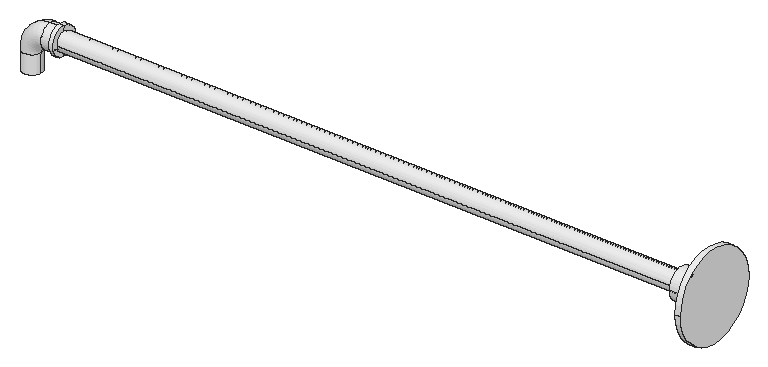
Revit family "E12", category Generic Models, Revit 2017
Family settings
  Can host rebar = No
  Round Connector Dimension = Use Diameter
  Part Type = Normal
  Work Plane-Based = No
  Always vertical = Yes
  Cut with Voids When Loaded = No
  Shared = No
  Room Calculation Point = No
Parameters
  E12 - SCH.40 = Aluminum
Reference planes (in)
  plane 1 "Center (Front/Back)": y = 0
  plane 2: z = 0
  plane 3 "Center (Left/Right)": x = 0
Forms (in)
  Extrusion 1, solid, material "Aluminum" <- "E12 - SCH.40"
    sketch origin (0.47641, -0.02359, 0.21471) x (0, 1, 0) y (0, 0, 1)
      loop
        circle (0, 14.39079) r 2.3125
    from -0.78891 to -0.47641
  Extrusion 2, solid, material "Aluminum" <- "E12 - SCH.40"
    sketch origin (0.47641, -0.02359, 0.21471) x (0, 1, 0) y (0, 0, 1)
      loop
        circle (0, 14.39079) r 1.9734
    from -0.85141 to -0.78891
  Extrusion 3, solid, material "Aluminum" <- "E12 - SCH.40"
    sketch origin (0.47641, -0.02359, 0.21471) x (0, 1, 0) y (0, 0, 1)
      loop
        circle (0, 14.39079) r 0.5
      loop
        line (-0.33, 13.64559) -> (-0.33, 13.39079) -> (0.33, 13.39079) -> (0.33, 13.64559)
        arc (0.33, 13.64559) -> (0, 15.20579) -> (-0.33, 13.64559) r 0.815
    from -2.28891 to -0.85141
  Extrusion 4, solid, material "Aluminum" <- "E12 - SCH.40"
    sketch origin (-34.41405, -49.79552, 1.32029) x (0, 1, 0) y (0, 0, 1)
      loop
        circle (49.79552, 13.28521) r 0.5
      loop
        circle (49.79552, 13.28521) r 0.4375
    from -1.39845 to 34.03905
  Revolve 5, solid, material "Aluminum" <- "E12 - SCH.40"
    sketch origin (-65.34253, 0, 1.32029) x (1, 0, 0) y (0, 0, 1)
      loop
        line (29.78003, 14.03521) -> (29.53003, 14.03521) -> (29.53003, 13.92343) -> (29.03003, 13.92343) -> (29.03003, 13.78521) -> (29.78003, 13.78521) -> (29.78003, 14.03521)
      axis (29.03003, 13.28521) -> (29.78003, 13.28521)
    angle from 0 to 360
  Revolve 6, solid, material "Aluminum" <- "E12 - SCH.40"
    sketch origin (-65.34253, 0, 1.32029) x (1, 0, 0) y (0, 0, 1)
      loop
        line (28.03003, 12.28521) -> (27.53003, 12.28521) -> (27.53003, 11.28521) -> (28.03003, 11.28521) -> (28.03003, 12.28521)
      axis (28.03003, 11.28521) -> (28.03003, 12.28521)
    angle from 0 to 360
  SweptBlend 7, solid, material "Aluminum" <- "E12 - SCH.40"
    path in 3D
      loop
        arc (-36.3125, 0, 14.60551) -> (-37.01961, 0, 14.31261) -> (-37.3125, 0, 13.60551) r 1
    profile origin (-36.3125, 0, 14.60551) x (0, 0, -1) y (0, -1, 0)
      loop
        circle (0, 0) r 0.63822
    end profile origin (-37.3125, 0, 13.60551) x (0, -1, 0) y (1, 0, 0)
      loop
        circle (0, 0) r 0.5
Cuts and joins
  joined: Revolve 5, Revolve 6, SweptBlend 7
Lines and regions (in)
  sketch lines
    curve 1: arc (-36.3125, 0, 14.60551) -> (-37.01961, 0, 14.31261) -> (-37.3125, 0, 13.60551) r 1
Dimensions and locks (in)
  aligned and locked: plane 2 to level
